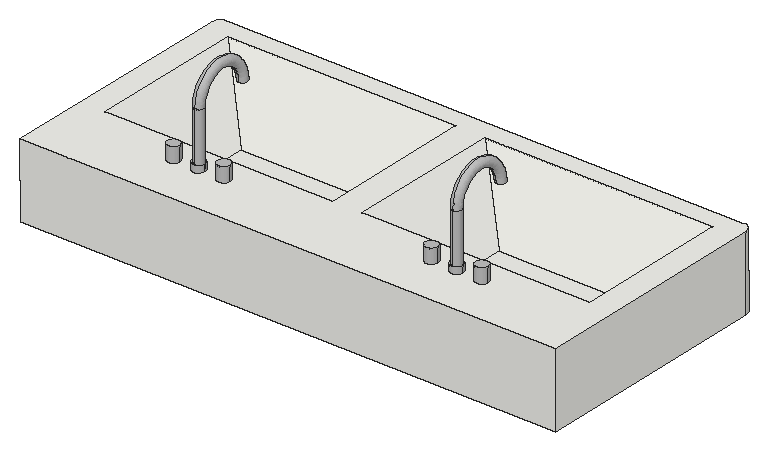
Revit family
Parameters (values of type "Box Wall Basin")
  Width = 1080 mm
  Mounting Height [instance] = 850 mm
  Model = "Fuori"
  Depth = 500 mm
Reference planes
  plane 1: y = 0
  plane 2 "Center (Left/Right)": x = 230.861
  plane 3 "Back": y = 50
  plane 4 "Mounting Height": z = 850
  plane 5: z = 700
  plane 6: x = -309.139
  plane 7: x = 770.861
  plane 8: y = 550
  plane 9: x = -259.139
  plane 10: x = 200.861
  plane 11: x = 260.861
  plane 12: x = 720.861
  plane 13: y = 510.534
  plane 14: y = 200
  plane 15 "Waste": y = 275
  plane 16: x = -29.139
  plane 17: x = -28.911
  plane 18: z = 0
  plane 19: x = 491.089
Forms (mm)
  Extrusion 1, solid
    sketch origin (0, 0, 850) x (0, 1, 0) y (-1, 0, 0)
      loop
        line (50, 309.139) -> (50, -770.861) -> (530, -770.861)
        arc (530, -770.861) -> (544.142, -765.003) -> (550, -750.861) r 20
        line (550, -750.861) -> (550, 289.139)
        arc (550, 289.139) -> (544.142, 303.281) -> (530, 309.139) r 20
        line (530, 309.139) -> (50, 309.139)
    from 0 to -150
  Blend 2, void
    base sketch origin (0, 0, 850) x (0, 1, 0) y (-1, 0, 0)
      loop
        line (200, 259.139) -> (200, -200.861) -> (510.534, -200.861) -> (510.534, 259.139) -> (200, 259.139)
    top sketch origin (0, 0, 850) x (0, 1, 0) y (-1, 0, 0)
      loop
        line (200, 159.139) -> (200, -100.861) -> (420, -100.861) -> (420, 159.139) -> (200, 159.139)
    from 0 to -129.554
  Blend 3, void
    base sketch origin (520, 0, 850) x (0, 1, 0) y (-1, 0, 0)
      loop
        line (200, 259.139) -> (200, -200.861) -> (510.534, -200.861) -> (510.534, 259.139) -> (200, 259.139)
    top sketch origin (520, 0, 850) x (0, 1, 0) y (-1, 0, 0)
      loop
        line (200, 159.139) -> (200, -100.861) -> (420, -100.861) -> (420, 159.139) -> (200, 159.139)
    from 0 to -129.554
  Extrusion 4, void
    sketch origin (513.296, 0, 720.446) x (0, 1, 0) y (-1, 0, 0)
      loop
        circle (274.96, 542.435) r 15
    from -24.554 to 2.976
  Revolve 5, solid
    sketch origin (520, 275, -142.023) x (1, 0, 0) y (0, 0, 1)
      loop
        line (-44.139, 866.314) -> (-59.139, 866.314) -> (-59.139, 863.338) -> (-46.168, 863.338) -> (-46.168, 838.338) -> (-44.139, 838.338) -> (-44.139, 866.314)
      axis (-29.139, 838.338) -> (-29.139, 866.314)
    angle from 0 to 360
  Revolve 6, solid
    sketch origin (0, 275, -142.023) x (1, 0, 0) y (0, 0, 1)
      loop
        line (-44.139, 866.314) -> (-59.139, 866.314) -> (-59.139, 863.338) -> (-46.168, 863.338) -> (-46.168, 838.338) -> (-44.139, 838.338) -> (-44.139, 866.314)
      axis (-29.139, 838.338) -> (-29.139, 866.314)
    angle from 0 to 360
  Revolve 7, solid
    sketch origin (-520, 275, 0) x (1, 0, 0) y (0, 0, 1)
      loop
        line (467.707, 688.339) -> (467.707, 595.182)
        arc (467.707, 595.182) -> (474.556, 578.649) -> (491.089, 571.801) r 23.382
        line (491.089, 571.801) -> (491.089, 696.315) -> (475.861, 696.315)
        arc (475.861, 696.315) -> (470.158, 693.989) -> (467.707, 688.339) r 8.156
      axis (491.089, 571.801) -> (491.089, 696.315)
    angle from 0 to 360
  Revolve 8, solid
    sketch origin (0, 275, 0) x (1, 0, 0) y (0, 0, 1)
      loop
        line (467.707, 688.339) -> (467.707, 595.182)
        arc (467.707, 595.182) -> (474.556, 578.649) -> (491.089, 571.801) r 23.382
        line (491.089, 571.801) -> (491.089, 696.315) -> (475.861, 696.315)
        arc (475.861, 696.315) -> (470.158, 693.989) -> (467.707, 688.339) r 8.156
      axis (491.089, 571.801) -> (491.089, 696.315)
    angle from 0 to 360
Cuts and joins
  Blend 2, Blend 3 cuts Extrusion 1
Text (mm)
  text "Placement side" at (-1787.139, 592.35, 0), in view "Ref. Level"
  text "Placement side" at (0, 1827.695, 2917.686), in view "Left"
  text "Placement side" at (0, 562.268, 3853.606), in view "Right"
Dimensions and locks
  locked: plane 3 "Back" to host wall at 0
  plane 5 to plane 4 "Mounting Height" = 150 mm
  "Mounting Height": plane 18 to plane 4 "Mounting Height"
  "Depth": plane 3 "Back" to plane 8
  "Width": plane 6 to plane 7
  equal spacing: plane 6, plane 2 "Center (Left/Right)", plane 7
  locked: plane 10 to plane 2 "Center (Left/Right)" at 30
  locked: plane 2 "Center (Left/Right)" to plane 11 at 30
  plane 9 to plane 10 = 460 mm
  plane 11 to plane 12 = 460 mm
  plane 3 "Back" to plane 15 "Waste" = 225 mm
  equal spacing: cut or joined group of Extrusion 1, Blend 2, Blend 3, plane 16, cut or joined group of Extrusion 1, Blend 2, Blend 3
  level to plane 18 = 0 mm
  aligned and locked: host wall to plane 1
  aligned and locked: plane 6 to Extrusion 1 sketch curve
  aligned and locked: Extrusion 1 sketch curve to plane 3 "Back"
  aligned and locked: plane 7 to Extrusion 1 sketch curve
  aligned and locked: plane 8 to Extrusion 1 sketch curve
  aligned and locked: Extrusion 1 sketch curve to plane 6
  aligned and locked: plane 9 to Blend 2 sketch curve
  aligned and locked: Blend 2 sketch curve to plane 14
  aligned and locked: plane 10 to Blend 2 sketch curve
  aligned and locked: plane 13 to Blend 2 sketch curve
  aligned and locked: Blend 2 sketch curve to plane 9
  aligned and locked: plane 14 to Blend 2 sketch curve
  aligned and locked: plane 5 to Extrusion 1
  aligned and locked: Blend 3 to plane 4 "Mounting Height"
  aligned and locked: plane 4 "Mounting Height" to Blend 2
  aligned and locked: Blend 3 to Blend 2
  aligned and locked: nested 1 to plane 16
  aligned and locked: plane 17 to Revolve 7 sketch curve
  aligned and locked: Revolve 7 sketch curve to plane 17
  aligned and locked: nested 1 to cut or joined group of Extrusion 1, Blend 2, Blend 3
  aligned and locked: plane 19 to Revolve 8 sketch curve
  aligned and locked: Revolve 8 sketch curve to plane 19
Automatic sketch dimensions
  Extrusion 1 sketch curve to Extrusion 1 sketch curve = 20 mm
  plane 8 to Extrusion 1 sketch curve = 20 mm
  plane 13 to Blend 2 sketch curve = 90.534 mm
  plane 10 to Blend 2 sketch curve = 100 mm
  Blend 2 sketch curve to plane 9 = 100 mm
  Blend 3 sketch curve to plane 12 = 0 mm
  Blend 3 sketch curve to plane 14 = 0 mm  (x2)
  Blend 3 sketch curve to plane 11 = 0 mm
  Blend 3 sketch curve to plane 13 = 0 mm
  plane 13 to Blend 3 sketch curve = 90.534 mm
  plane 12 to Blend 3 sketch curve = 100 mm
  Blend 3 sketch curve to plane 11 = 100 mm
  Extrusion 4 sketch curve to plane 14 = 74.96 mm
  plane 10 to Extrusion 4 sketch curve = 230 mm
  plane 4 "Mounting Height" to Revolve 5 sketch curve = 125.709 mm
  Revolve 5 sketch curve to plane 11 = 200 mm
  plane 4 "Mounting Height" to Revolve 5 sketch curve = 153.685 mm
  Revolve 5 sketch curve to Revolve 5 sketch curve = 12.97 mm
  Revolve 5 sketch curve to Revolve 5 sketch curve = 2.03 mm
  Revolve 5 sketch curve to Revolve 5 sketch curve = 15 mm
  plane 4 "Mounting Height" to Revolve 5 sketch curve = 137.023 mm
  Revolve 5 sketch curve to Revolve 5 sketch curve = 2.976 mm
  Revolve 5 sketch curve to Revolve 5 sketch curve = 14.711 mm
  Revolve 6 sketch curve to plane 16 = 0 mm
  plane 16 to Revolve 6 sketch curve = 15 mm
  Revolve 6 sketch curve to Revolve 6 sketch curve = 2.03 mm
  Revolve 6 sketch curve to Revolve 6 sketch curve = 12.97 mm
  plane 5 to Revolve 6 sketch curve = 3.685 mm
  Revolve 6 sketch curve to plane 5 = 12.977 mm
  Revolve 6 sketch curve to plane 5 = 21.315 mm
  Revolve 6 sketch curve to Revolve 6 sketch curve = 2.976 mm
  Revolve 6 sketch curve to Revolve 6 sketch curve = 14.711 mm
  Revolve 7 sketch curve to plane 17 = 0 mm
  plane 16 to Revolve 7 sketch curve = 15 mm
  Revolve 7 sketch curve to Revolve 7 sketch curve = 8.154 mm
  plane 5 to Revolve 7 sketch curve = 128.199 mm
  plane 5 to Revolve 7 sketch curve = 11.841 mm
  Revolve 7 sketch curve to Revolve 7 sketch curve = 0.18 mm
  Revolve 7 sketch curve to plane 5 = 31.315 mm
  Revolve 7 sketch curve to Revolve 7 sketch curve = 25 mm
  Revolve 8 sketch curve to plane 19 = 0 mm
  Revolve 8 sketch curve to plane 19 = 15.228 mm
  Revolve 8 sketch curve to Revolve 8 sketch curve = 8.154 mm
  plane 5 to Revolve 8 sketch curve = 128.199 mm
  plane 5 to Revolve 8 sketch curve = 11.841 mm
  Revolve 8 sketch curve to Revolve 8 sketch curve = 0.18 mm
  Revolve 8 sketch curve to plane 5 = 31.315 mm
  Revolve 8 sketch curve to Revolve 8 sketch curve = 25 mm
  radius of Extrusion 4 sketch curve = 15 mm
Nested families
  nested 1: "Tap01" at (-29.139, 150, 850.385) x (-1, 0, 0) z (0, 0, 1), built-in parameter 1001364 <- "Mounting Height", type "Tap01"
  nested 2: "Tap01" at (490.861, 150, 850), type "Tap01"
Definition of nested family "Tap01"
  Reference planes
    plane 1 "Center (Front/Back)": y = 0
    plane 2: z = 0
    plane 3 "Center (Left/Right)": x = 0
  Forms (mm)
    Extrusion 1, solid
      sketch origin (-96.424, -247.535, -760) x (1, 0, 0) y (0, 1, 0)
        loop
          circle (147.452, 247.093) r 12.7
      from 788.19 to 759.615
    Extrusion 2, solid
      sketch origin (-198.024, -247.535, -760) x (1, 0, 0) y (0, 1, 0)
        loop
          circle (147.452, 247.093) r 12.7
      from 788.19 to 759.615
    Extrusion 3, solid, material "Metal - Steel, Polished"
      sketch origin (-147.224, -247.535, -760) x (1, 0, 0) y (0, 1, 0)
        loop
          circle (147.452, 247.093) r 12.7
      from 759.615 to 771.85
    Sweep 4, solid
      path origin (0.228, -247.535, -760) x (0, -1, 0) y (0, 0, 1)
        loop
          line (-247.093, 759.615) -> (-247.093, 872.328)
          arc (-247.093, 872.328) -> (-191.673, 927.748) -> (-136.253, 872.328) r 55.42
      profile origin (96.652, 0, 55.971) x (0, 1, 0) y (-1, 0, 0)
        loop
          circle (-0.443, 96.424) r 9.525
  Dimensions and locks
    aligned and locked: Extrusion 1 to Extrusion 2
